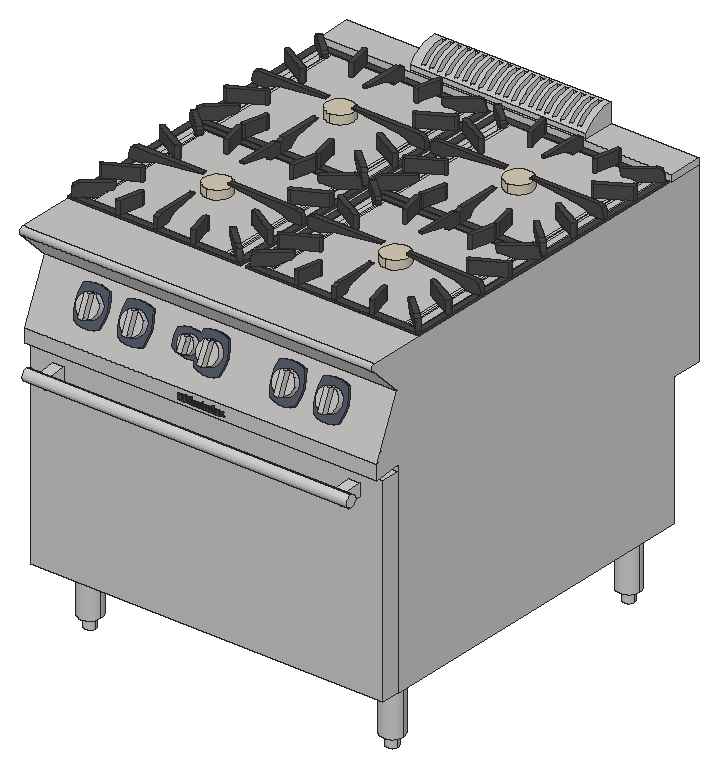
Revit family "QF_ELECTROLUXPROFESSIONAL_391006_E9GCGH4CGM", category Specialty Equipment, Revit 2018
Family settings
  Round Connector Dimension = Use Diameter
  Part Type = Normal
  Work Plane-Based = No
  Always vertical = Yes
  Cut with Voids When Loaded = No
  Shared = No
  Room Calculation Point = No
Parameters
  Weight in Pounds = 155
  Watts = 0 W
  URL Cutsheet = "www.electrolux.com"
  URL = "www.electrolux.com"
  Type Mark [instance] = ""
  Status [instance] = ""
  Specification by User [instance] = ""
  Specification by Manufacturer = ""
  Show Logo [instance] = yes
  Show Clearance [instance] = yes
  Serial Number = ""
  Seismic Rating = ""
  SMACNA No = ""
  Revision Code [instance] = ""
  Omniclass Number and Title = ""
  NAFEM Spec ID Number = ""
  Model = "391006"
  Mechanical Remarks [instance] = ""
  Mechanical Connection Type [instance] = ""
  Masterspec = ""
  Manufacturer = "ELECTROLUX"
  Item Number [instance] = ""
  Installed By [instance] = ""
  Identify Quantity as Lot [instance] = yes
  HP = "0 HP"
  Gas Size = 1/2"
  Gas RI Height [instance] = 0 mm
  Gas KW [instance] = 48.5
  Gas Input [instance] = 165337.0 Btu/h
  Gas Connection Height = 0 mm
  Furnished By [instance] = ""
  Foodservice Equipment Identifier [instance] = yes
  Direct Waste Size = 0"
  Description = "900XP 4 GAS BURNERS 10kW ON GAS OVEN"
  CSI MasterFormat = ""
  CSI Master Format = ""
Reference planes
  plane 1 "BACK": y = 0
  plane 2: z = 0
  plane 3 "LEFT": x = 0
  plane 4 "RIGHT": x = 800.1
  plane 5 "FRONT": y = -930.275
  plane 6 "TOP": z = 908
  plane 7 "Center Y": x = 400.05
  plane 8 "Center X": y = -465.137
  plane 9: z = 149.225
  plane 10: z = 1397
  plane 11: y = -80.962
  plane 12: y = -914.4
  plane 13: z = 850
  plane 14: x = 56
  plane 15: y = -128
  plane 16: y = -801.687
  plane 17: y = -665.163
  plane 18: x = 744.1
Forms (mm)
  Extrusion 1, solid, material "QF_Finishes_Stainless Steel"
    sketch origin (0, 0, 0) x (0, 1, 0) y (0, 0, 1)
      loop
        line (0, 449.262) -> (0, 850) -> (-922.302, 850)
        arc (-922.302, 850) -> (-930.275, 844.673) -> (-928.404, 835.268) r 8.63
        line (-928.404, 835.268) -> (-859.069, 765.933) -> (-916.765, 640.576) -> (-916.765, 609.279) -> (-856.641, 613.975)
        arc (-856.641, 613.975) -> (-854.117, 613.227) -> (-853.025, 610.831) r 3.175
        line (-853.025, 610.831) -> (-853.025, 149.225) -> (-71.438, 149.225) -> (-71.437, 449.263) -> (0, 449.262)
    from 0 to 800.1
  Revolve 2, solid, material "QF_Finishes_Stainless Steel"
    sketch origin (0, -801.687, 611.731) x (0, 0, -1) y (1, 0, 0)
      loop
        line (462.506, 56) -> (462.506, 30.6) -> (586.331, 30.6) -> (586.331, 43.3) -> (611.731, 43.3) -> (611.731, 56) -> (462.506, 56)
      axis (611.731, 56) -> (462.506, 56)
    angle from 0 to 360
  Revolve 3, solid, material "QF_Finishes_Stainless Steel"
    sketch origin (799.662, -801.687, 611.731) x (0, 0, -1) y (1, 0, 0)
      loop
        line (462.506, -55.562) -> (611.731, -55.562) -> (611.731, -42.862) -> (586.331, -42.862) -> (586.331, -30.162) -> (462.506, -30.162) -> (462.506, -55.562)
      axis (611.731, -55.562) -> (462.506, -55.562)
    angle from 0 to 360
  Revolve 4, solid, material "QF_Finishes_Stainless Steel"
    sketch origin (799.662, -128.588, 611.731) x (0, 0, -1) y (1, 0, 0)
      loop
        line (462.506, -55.562) -> (611.731, -55.562) -> (611.731, -42.862) -> (586.331, -42.862) -> (586.331, -30.162) -> (462.506, -30.162) -> (462.506, -55.562)
      axis (611.731, -55.562) -> (462.506, -55.562)
    angle from 0 to 360
  Revolve 5, solid, material "QF_Finishes_Stainless Steel"
    sketch origin (111.125, -128.588, 611.731) x (0, 0, -1) y (1, 0, 0)
      loop
        line (462.506, -55.125) -> (611.731, -55.125) -> (611.731, -42.425) -> (586.331, -42.425) -> (586.331, -29.725) -> (462.506, -29.725) -> (462.506, -55.125)
      axis (611.731, -55.125) -> (462.506, -55.125)
    angle from 0 to 360
  Extrusion 6, solid, material "QF_Finishes_Stainless Steel"
    sketch origin (0, 0, 0) x (0, 1, 0) y (0, 0, 1)
      loop
        line (0, 850) -> (0, 864.288) -> (-76.2, 864.288) -> (-76.2, 850) -> (0, 850)
    from 0 to 800.1
  Extrusion 7, void
    sketch origin (-65.011, 0, 865.138) x (-1, 0, 0) y (0, -1, 0)
      loop
        line (-295.005, 6.761) -> (-285.709, 6.761) -> (-285.709, 63.911) -> (-295.005, 63.911) -> (-295.005, 6.761)
      loop
        line (-313.697, 6.761) -> (-304.401, 6.761) -> (-304.401, 63.911) -> (-313.697, 63.911) -> (-313.697, 6.761)
      loop
        line (-332.39, 6.761) -> (-323.094, 6.761) -> (-323.094, 63.911) -> (-332.39, 63.911) -> (-332.39, 6.761)
      loop
        line (-351.082, 6.761) -> (-341.787, 6.761) -> (-341.787, 63.911) -> (-351.082, 63.911) -> (-351.082, 6.761)
      loop
        line (-369.775, 6.761) -> (-360.479, 6.761) -> (-360.479, 63.911) -> (-369.775, 63.911) -> (-369.775, 6.761)
      loop
        line (-388.468, 6.761) -> (-379.172, 6.761) -> (-379.172, 63.911) -> (-388.468, 63.911) -> (-388.468, 6.761)
      loop
        line (-407.16, 6.761) -> (-397.864, 6.761) -> (-397.864, 63.911) -> (-407.16, 63.911) -> (-407.16, 6.761)
      loop
        line (-425.853, 6.761) -> (-416.557, 6.761) -> (-416.557, 63.911) -> (-425.853, 63.911) -> (-425.853, 6.761)
      loop
        line (-444.545, 6.761) -> (-435.25, 6.761) -> (-435.25, 63.911) -> (-444.545, 63.911) -> (-444.545, 6.761)
      loop
        line (-463.238, 6.761) -> (-453.942, 6.761) -> (-453.942, 63.911) -> (-463.238, 63.911) -> (-463.238, 6.761)
      loop
        line (-481.931, 6.761) -> (-472.635, 6.761) -> (-472.635, 63.911) -> (-481.931, 63.911) -> (-481.931, 6.761)
      loop
        line (-500.623, 6.761) -> (-491.328, 6.761) -> (-491.328, 63.911) -> (-500.623, 63.911) -> (-500.623, 6.761)
      loop
        line (-519.316, 6.761) -> (-510.02, 6.761) -> (-510.02, 63.911) -> (-519.316, 63.911) -> (-519.316, 6.761)
      loop
        line (-538.008, 6.761) -> (-528.713, 6.761) -> (-528.713, 63.911) -> (-538.008, 63.911) -> (-538.008, 6.761)
      loop
        line (-556.701, 6.761) -> (-547.405, 6.761) -> (-547.405, 63.911) -> (-556.701, 63.911) -> (-556.701, 6.761)
      loop
        line (-575.394, 6.761) -> (-566.098, 6.761) -> (-566.098, 63.911) -> (-575.394, 63.911) -> (-575.394, 6.761)
      loop
        line (-594.086, 6.761) -> (-584.791, 6.761) -> (-584.791, 63.911) -> (-594.086, 63.911) -> (-594.086, 6.761)
      loop
        line (-612.779, 6.761) -> (-603.483, 6.761) -> (-603.483, 63.911) -> (-612.779, 63.911) -> (-612.779, 6.761)
      loop
        line (-631.472, 6.761) -> (-622.176, 6.761) -> (-622.176, 63.911) -> (-631.472, 63.911) -> (-631.472, 6.761)
      loop
        line (-650.164, 6.761) -> (-640.868, 6.761) -> (-640.868, 63.911) -> (-650.164, 63.911) -> (-650.164, 6.761)
    from 9.525 to 45.348
  Extrusion 8, solid, material "QF_Finishes_Stainless Steel"
    sketch origin (400.05, 175.397, 1219.2) x (0, 1, 0) y (0, 0, 1)
      loop
        line (-175.397, -354.912) -> (-175.397, -311.2)
        arc (-175.397, -311.2) -> (-214.469, -319.821) -> (-245.247, -345.387) r 84.854
        line (-245.247, -345.387) -> (-245.247, -354.912) -> (-175.397, -354.912)
    from -200.05 to 199.95
  Extrusion 9, solid, material "QF_Finishes_Navy Blue"
    sketch origin (0, -890.928, 697.612) x (0, -0.418102, -0.9084) y (1, 0, 0)
      loop
        arc (-53.776, 198.651) -> (-18.194, 191.027) -> (17.514, 198.034) r 90.5
        arc (17.514, 198.034) -> (24.34, 227.222) -> (17.514, 256.409) r 65.817
        arc (17.514, 256.409) -> (-18.193, 263.369) -> (-53.776, 255.797) r 91.066
        arc (-53.776, 255.797) -> (-60.332, 227.224) -> (-53.776, 198.651) r 65.546
      loop
        arc (-53.776, 98.651) -> (-18.194, 91.027) -> (17.514, 98.034) r 90.5
        arc (17.514, 98.034) -> (24.34, 127.222) -> (17.514, 156.409) r 65.817
        arc (17.514, 156.409) -> (-18.193, 163.369) -> (-53.776, 155.797) r 91.066
        arc (-53.776, 155.797) -> (-60.332, 127.224) -> (-53.776, 98.651) r 65.546
      loop
        arc (-53.776, 601.786) -> (-60.332, 573.214) -> (-53.776, 544.641) r 65.546
        arc (-53.776, 544.641) -> (-18.193, 537.068) -> (17.514, 544.028) r 91.066
        arc (17.514, 544.028) -> (24.34, 573.216) -> (17.514, 602.404) r 65.817
        arc (17.514, 602.404) -> (-18.194, 609.411) -> (-53.776, 601.786) r 90.5
      loop
        arc (-53.776, 701.786) -> (-60.332, 673.214) -> (-53.776, 644.641) r 65.546
        arc (-53.776, 644.641) -> (-18.193, 637.068) -> (17.514, 644.028) r 91.066
        arc (17.514, 644.028) -> (24.34, 673.216) -> (17.514, 702.404) r 65.817
        arc (17.514, 702.404) -> (-18.194, 709.411) -> (-53.776, 701.786) r 90.5
      loop
        arc (-40.159, 316.707) -> (-21.848, 313.911) -> (-3.351, 314.901) r 90.5
        arc (-3.351, 314.901) -> (6.915, 339.94) -> (6.238, 366.994) r 65.817
        arc (6.238, 366.994) -> (11.94, 368.741) -> (17.514, 370.86) r 90.5
        arc (17.514, 370.86) -> (24.34, 400.048) -> (17.514, 429.235) r 65.817
        arc (17.514, 429.235) -> (-18.193, 436.195) -> (-53.776, 428.623) r 91.066
        arc (-53.776, 428.623) -> (-60.332, 400.05) -> (-53.776, 371.477) r 65.546
        arc (-53.776, 371.477) -> (-49.379, 369.684) -> (-44.894, 368.124) r 90.5
        arc (-44.894, 368.124) -> (-47.802, 341.929) -> (-40.159, 316.707) r 65.546
    from 0 to 3.175
  Extrusion 10, solid, material "QF_Finishes_Stainless Steel"
    sketch origin (0, -893.812, 698.94) x (0, -0.418102, -0.9084) y (1, 0, 0)
      loop
        circle (-18.131, 227.457) r 25.4
      loop
        circle (-18.131, 127.457) r 25.4
      loop
        circle (-18.131, 572.543) r 25.4
      loop
        circle (-18.131, 672.543) r 25.4
      loop
        circle (-18.131, 349.957) r 19.05
      loop
        circle (-18.131, 400.05) r 25.4
    from 0 to 12.7
  Extrusion 11, solid, material "QF_Finishes_Stainless Steel"
    sketch origin (0, -905.349, 704.25) x (0, -0.418102, -0.9084) y (1, 0, 0)
      loop
        arc (-42.863, 233.243) -> (-43.531, 227.457) -> (-42.863, 221.671) r 25.4
        line (-42.863, 221.671) -> (6.601, 221.671)
        arc (6.601, 221.671) -> (7.269, 227.457) -> (6.601, 233.243) r 25.4
        line (6.601, 233.243) -> (-42.863, 233.243)
      loop
        arc (-42.863, 133.243) -> (-43.531, 127.457) -> (-42.863, 121.671) r 25.4
        line (-42.863, 121.671) -> (6.601, 121.671)
        arc (6.601, 121.671) -> (7.269, 127.457) -> (6.601, 133.243) r 25.4
        line (6.601, 133.243) -> (-42.863, 133.243)
      loop
        arc (-34.426, 356.459) -> (-35.24, 350.69) -> (-34.719, 344.887) r 25.4
        line (-34.719, 344.887) -> (-2.956, 344.887)
        arc (-2.956, 344.887) -> (-2.067, 350.647) -> (-2.515, 356.459) r 25.4
        line (-2.515, 356.459) -> (-34.426, 356.459)
      loop
        arc (-42.863, 579.675) -> (-43.531, 573.889) -> (-42.863, 568.102) r 25.4
        line (-42.863, 568.102) -> (6.601, 568.102)
        arc (6.601, 568.102) -> (7.269, 573.889) -> (6.601, 579.675) r 25.4
        line (6.601, 579.675) -> (-42.863, 579.675)
      loop
        arc (-42.863, 679.675) -> (-43.531, 673.889) -> (-42.863, 668.102) r 25.4
        line (-42.863, 668.102) -> (6.601, 668.102)
        arc (6.601, 668.102) -> (7.269, 673.889) -> (6.601, 679.675) r 25.4
        line (6.601, 679.675) -> (-42.863, 679.675)
      loop
        arc (-42.863, 405.836) -> (-43.531, 400.05) -> (-42.863, 394.264) r 25.4
        line (-42.863, 394.264) -> (6.601, 394.264)
        arc (6.601, 394.264) -> (7.269, 400.05) -> (6.601, 405.836) r 25.4
        line (6.601, 405.836) -> (-42.863, 405.836)
    from 0 to 12.7
  Extrusion 12, solid, material "QF_Finishes_Navy Blue", visible <- "Show Logo"
    sketch origin (0, -916.765, 609.279) x (0, 0, 1) y (-1, 0, 0)
      loop
        line (21.268, -357.807) -> (8.901, -357.807)
        arc (8.901, -357.807) -> (15.085, -362.379) -> (21.268, -357.807) r 6.467
      loop
        arc (21.268, -357.178) -> (20.099, -352.035) -> (15.443, -349.557) r 6.338
        line (15.443, -349.557) -> (15.443, -351.603)
        arc (15.443, -351.603) -> (16.927, -355.258) -> (20.372, -357.178) r 5.941
        line (20.372, -357.178) -> (21.268, -357.178)
      loop
        arc (9.797, -357.178) -> (13.242, -355.258) -> (14.726, -351.603) r 5.941
        line (14.726, -351.603) -> (14.726, -349.557)
        arc (14.726, -349.557) -> (10.032, -352.031) -> (8.742, -357.178) r 6.504
        line (8.742, -357.178) -> (9.797, -357.178)
      loop
        line (21.943, -349.088) -> (8.198, -349.088) -> (8.198, -362.851) -> (21.943, -362.851) -> (21.943, -349.088)
      loop
        arc (22.026, -365.819) -> (21.679, -365.461) -> (21.312, -365.799) r 0.358
        arc (21.312, -365.799) -> (20.997, -366.549) -> (20.281, -366.934) r 1.216
        line (20.281, -366.934) -> (9.868, -366.934)
        arc (9.868, -366.934) -> (9.208, -366.657) -> (8.812, -366.06) r 1.238
        arc (8.812, -366.06) -> (8.417, -365.809) -> (8.112, -366.163) r 0.358
        line (8.112, -366.163) -> (8.112, -376.042) -> (10.863, -376.042) -> (10.863, -375.145)
        arc (10.863, -375.145) -> (9.954, -374.565) -> (9.498, -373.588) r 1.928
        line (9.498, -373.588) -> (9.498, -371.089)
        arc (9.498, -371.089) -> (9.774, -370.36) -> (10.462, -369.996) r 1.101
        line (10.462, -369.996) -> (14.549, -369.996) -> (14.549, -373.67)
        arc (14.549, -373.67) -> (14.196, -374.167) -> (13.631, -374.395) r 1.083
        arc (13.631, -374.395) -> (13.367, -374.7) -> (13.659, -374.978) r 0.292
        line (13.659, -374.978) -> (16.621, -374.978)
        arc (16.621, -374.978) -> (16.924, -374.705) -> (16.686, -374.375) r 0.305
        arc (16.686, -374.375) -> (16.195, -374.127) -> (15.89, -373.67) r 1.083
        line (15.89, -373.67) -> (15.89, -369.996) -> (20.567, -369.996) -> (20.567, -373.744)
        arc (20.567, -373.744) -> (20.353, -374.499) -> (19.747, -374.997) r 1.314
        arc (19.747, -374.997) -> (19.527, -375.401) -> (19.882, -375.694) r 0.361
        line (19.882, -375.694) -> (22.026, -375.694) -> (22.026, -365.819)
      loop
        arc (21.309, -376.474) -> (20.928, -377.393) -> (20.01, -377.773) r 1.299
        line (20.01, -377.773) -> (10.431, -377.773)
        arc (10.431, -377.773) -> (9.593, -377.395) -> (9.321, -376.517) r 1.118
        line (9.321, -376.517) -> (8.112, -376.517) -> (8.112, -381.867) -> (9.3, -381.867)
        arc (9.3, -381.867) -> (9.572, -380.95) -> (10.442, -380.554) r 1.153
        line (10.442, -380.554) -> (22.514, -380.554) -> (21.309, -376.474)
      loop
        line (13.077, -384.503) -> (13.077, -390.951) -> (13.876, -390.951)
        arc (13.876, -390.951) -> (16.456, -389.966) -> (17.725, -387.513) r 3.874
        line (17.725, -387.513) -> (17.725, -385.752)
        arc (17.725, -385.752) -> (16.538, -382.887) -> (13.674, -381.701) r 4.051
        line (13.674, -381.701) -> (11.666, -381.701)
        arc (11.666, -381.701) -> (8.847, -383.186) -> (7.795, -386.193) r 4.352
        arc (7.795, -386.193) -> (8.16, -388.656) -> (9.537, -390.73) r 5.713
        line (9.537, -390.73) -> (10.486, -390.73)
        arc (10.486, -390.73) -> (9.754, -389.161) -> (9.537, -387.443) r 5.579
        arc (9.537, -387.443) -> (10.331, -385.48) -> (12.21, -384.503) r 3.057
        line (12.21, -384.503) -> (13.077, -384.503)
      loop
        line (14.336, -384.503) -> (14.336, -388.085)
        arc (14.336, -388.085) -> (15.793, -388.133) -> (16.676, -386.973) r 1.59
        line (16.676, -386.973) -> (16.676, -386.143)
        arc (16.676, -386.143) -> (15.811, -384.888) -> (14.336, -384.503) r 2.184
      loop
        arc (17.127, -400.368) -> (17.616, -398.694) -> (17.773, -396.957) r 9.023
        line (17.773, -396.957) -> (17.773, -395.595)
        arc (17.773, -395.595) -> (16.614, -392.795) -> (13.814, -391.636) r 3.959
        line (13.814, -391.636) -> (11.214, -391.636)
        arc (11.214, -391.636) -> (8.932, -392.928) -> (7.815, -395.301) r 4.331
        line (7.815, -395.301) -> (7.815, -397.436)
        arc (7.815, -397.436) -> (8.323, -398.986) -> (9.245, -400.332) r 5.772
        arc (9.245, -400.332) -> (10.006, -400.383) -> (10.093, -399.624) r 0.553
        arc (10.093, -399.624) -> (9.705, -398.89) -> (9.571, -398.071) r 2.573
        line (9.571, -398.071) -> (9.571, -396.556)
        arc (9.571, -396.556) -> (10.577, -394.915) -> (12.392, -394.272) r 2.884
        line (12.392, -394.272) -> (13.67, -394.272)
        arc (13.67, -394.272) -> (15.492, -394.832) -> (16.418, -396.497) r 2.554
        line (16.418, -396.497) -> (16.418, -397.55)
        arc (16.418, -397.55) -> (16.087, -398.478) -> (15.43, -399.213) r 2.564
        arc (15.43, -399.213) -> (15.208, -399.93) -> (15.817, -400.368) r 0.643
        line (15.817, -400.368) -> (17.127, -400.368)
      loop
        line (16.109, -400.638) -> (16.109, -402.139) -> (10.061, -402.139)
        arc (10.061, -402.139) -> (8.473, -402.797) -> (7.815, -404.385) r 2.246
        line (7.815, -404.385) -> (7.815, -405.969)
        arc (7.815, -405.969) -> (8.129, -406.834) -> (8.629, -407.605) r 4.06
        arc (8.629, -407.605) -> (9.362, -407.738) -> (9.613, -407.037) r 0.576
        arc (9.613, -407.037) -> (9.507, -406.512) -> (9.571, -405.979) r 1.69
        arc (9.571, -405.979) -> (10.113, -405.191) -> (11.019, -404.888) r 1.506
        line (11.019, -404.888) -> (16.157, -404.888) -> (16.157, -407.285) -> (16.713, -407.842) -> (17.535, -407.842) -> (17.535, -404.982) -> (20.766, -404.982) -> (16.109, -400.638)
      loop
        line (8.032, -408.739) -> (8.032, -414.126) -> (9.142, -414.126)
        arc (9.142, -414.126) -> (9.536, -413.175) -> (10.487, -412.781) r 1.345
        line (10.487, -412.781) -> (14.103, -412.781)
        arc (14.103, -412.781) -> (14.868, -413.373) -> (15.157, -414.295) r 1.615
        line (15.157, -414.295) -> (15.157, -415.851) -> (17.713, -416.536) -> (17.713, -415.153) -> (15.771, -412.594) -> (17.651, -412.594) -> (17.367, -409.888)
        arc (17.367, -409.888) -> (16.927, -409.358) -> (16.268, -409.559) r 0.621
        arc (16.268, -409.559) -> (15.868, -409.901) -> (15.374, -410.084) r 1.501
        line (15.374, -410.084) -> (10.487, -410.084)
        arc (10.487, -410.084) -> (9.536, -409.69) -> (9.142, -408.739) r 1.345
        line (9.142, -408.739) -> (8.032, -408.739)
      loop
        line (14.134, -416.073) -> (11.442, -416.073)
        arc (11.442, -416.073) -> (8.996, -417.381) -> (7.863, -419.912) r 4.288
        arc (7.863, -419.912) -> (7.799, -421.292) -> (7.863, -422.672) r 15.022
        arc (7.863, -422.672) -> (8.996, -425.203) -> (11.442, -426.51) r 4.288
        line (11.442, -426.51) -> (14.134, -426.51)
        arc (14.134, -426.51) -> (16.579, -425.203) -> (17.713, -422.672) r 4.288
        arc (17.713, -422.672) -> (17.777, -421.292) -> (17.713, -419.912) r 15.022
        arc (17.713, -419.912) -> (16.579, -417.381) -> (14.134, -416.073) r 4.288
      loop
        line (14.339, -419.187) -> (11.237, -419.187)
        arc (11.237, -419.187) -> (9.08, -421.344) -> (11.237, -423.501) r 2.157
        line (11.237, -423.501) -> (14.339, -423.501)
        arc (14.339, -423.501) -> (16.496, -421.344) -> (14.339, -419.187) r 2.157
      loop
        arc (21.32, -426.369) -> (20.949, -427.263) -> (20.055, -427.633) r 1.264
        line (20.055, -427.633) -> (10.191, -427.633)
        arc (10.191, -427.633) -> (9.321, -427.236) -> (9.049, -426.32) r 1.153
        line (9.049, -426.32) -> (8.112, -426.32) -> (8.112, -431.428) -> (9.04, -431.428)
        arc (9.04, -431.428) -> (9.399, -430.656) -> (10.191, -430.341) r 1.153
        line (10.191, -430.341) -> (22.514, -430.341) -> (21.32, -426.369)
      loop
        arc (16.44, -430.966) -> (16.241, -432.03) -> (15.272, -432.512) r 1.215
        line (15.272, -432.512) -> (10.252, -432.512)
        arc (10.252, -432.512) -> (8.637, -433.16) -> (7.916, -434.743) r 2.338
        line (7.916, -434.743) -> (7.916, -436.257)
        arc (7.916, -436.257) -> (8.091, -437.261) -> (8.593, -438.147) r 2.979
        line (8.593, -438.147) -> (8.112, -439.944) -> (8.112, -441.633) -> (17.537, -441.633) -> (17.243, -437.429) -> (16.457, -437.429)
        arc (16.457, -437.429) -> (16.101, -438.265) -> (15.349, -438.774) r 1.605
        line (15.349, -438.774) -> (10.246, -438.774)
        arc (10.246, -438.774) -> (9.826, -437.837) -> (9.753, -436.813) r 2.94
        arc (9.753, -436.813) -> (10.314, -435.712) -> (11.467, -435.269) r 1.724
        line (11.467, -435.269) -> (17.664, -435.269) -> (16.44, -430.966)
      loop
        line (17.468, -442.486) -> (15.796, -444.532) -> (12.622, -446.838) -> (9.166, -443.726)
        arc (9.166, -443.726) -> (8.928, -443.332) -> (8.951, -442.873) r 0.789
        line (8.951, -442.873) -> (8.112, -442.873) -> (8.112, -446.418) -> (8.938, -446.418)
        arc (8.938, -446.418) -> (9.28, -446.056) -> (9.77, -446.148) r 0.52
        line (9.77, -446.148) -> (11.57, -447.619) -> (9.452, -448.995)
        arc (9.452, -448.995) -> (9.051, -448.685) -> (8.964, -448.185) r 0.7
        line (8.964, -448.185) -> (8.112, -448.185) -> (8.112, -454.112) -> (8.998, -454.112)
        arc (8.998, -454.112) -> (9.065, -453.453) -> (9.46, -452.922) r 1.247
        line (9.46, -452.922) -> (13.66, -449.641) -> (16.107, -451.694) -> (17.468, -453.436) -> (17.468, -449.713) -> (15.983, -450.135) -> (14.462, -448.858) -> (16.162, -447.668) -> (17.468, -448.445) -> (17.468, -442.486)
    from 0 to 1.644
  Extrusion 13, solid, material "QF_Finishes_Stainless Steel"
    sketch origin (0, -853.025, 610.831) x (0, 0, -1) y (1, 0, 0)
      loop
        line (460.831, 0) -> (460.831, 800) -> (9.61, 800) -> (9.61, 0) -> (460.831, 0)
    from 3.175 to 46.663
  Extrusion 14, solid, material "QF_Finishes_Handrails and Railings"
    sketch origin (50.8, -1053.827, 150) x (0, 0, 1) y (0, 1, 0)
      loop
        circle (420.409, 103.146) r 12.7
    from 19.875 to -718.375
  Extrusion 15, solid, material "QF_Finishes_Handrails and Railings"
    sketch origin (800, -1053.827, 150) x (0, 0, 1) y (0, -1, 0)
      loop
        line (429.101, -153.025) -> (426.396, -114.347)
        arc (426.396, -114.347) -> (412.589, -113.153) -> (408.093, -100.044) r 12.7
        arc (408.093, -100.044) -> (407.276, -100.585) -> (406.501, -101.183) r 13.441
        arc (406.501, -101.183) -> (405.055, -102.989) -> (404.435, -105.216) r 5.77
        line (404.435, -105.216) -> (401.092, -153.025) -> (429.101, -153.025)
    from -50.7 to -76.1
  Extrusion 16, solid, material "QF_Finishes_Handrails and Railings"
    sketch origin (0.1, -1053.827, 150) x (0, 0, 1) y (0, 1, 0)
      loop
        line (429.101, 153.025) -> (401.092, 153.025) -> (404.435, 105.216)
        arc (404.435, 105.216) -> (405.055, 102.989) -> (406.501, 101.183) r 5.77
        arc (406.501, 101.183) -> (407.276, 100.585) -> (408.093, 100.044) r 13.441
        arc (408.093, 100.044) -> (412.589, 113.153) -> (426.396, 114.347) r 12.7
        line (426.396, 114.347) -> (429.101, 153.025)
    from -50.7 to -76.1
  Extrusion 17, solid, material "QF_Door-Drawer Clearances", visible <- "Show Clearance", detail levels coarse
    sketch origin (800, -853.025, 150) x (0, 0, 1) y (0, -1, 0)
      loop
        arc (451.218, 46.663) -> (319.059, 365.722) -> (0, 497.881) r 451.218
        line (0, 497.881) -> (0, 46.663) -> (451.218, 46.663)
    from 0 to -800
  Extrusion 18, solid, material "QF_Finishes_Stainless Steel"
    sketch origin (0, -853.025, 149.225) x (1, 0, 0) y (0, -1, 0)
      loop
        circle (749.3, -187.862) r 6.4
      loop
        circle (757.1, -277.025) r 6.4
    from 0 to 20.638
  Extrusion 19, solid, material "QF_Clearances", visible <- "Show Clearance", detail levels coarse
    sketch origin (0, 0, 0) x (1, 0, 0) y (0, 1, 0)
      loop
        line (-100.013, -930.275) -> (0, -930.275) -> (0, 0) -> (800.1, 0) -> (800.1, -930.275) -> (900.113, -930.275) -> (900.113, 100.013) -> (-100.013, 100.013) -> (-100.013, -930.275)
    from 0 to 908
Cuts and joins
  Extrusion 7 cuts Extrusion 8
Lines and regions (mm)
  symbolic lines, style "QF_Clearances", visible <- "Show Clearance", detail levels coarse
    curve 1: line (-100.013, -930.275, 0) -> (-100.012, 100.013, 0)
    curve 2: line (-100.013, 100.013, 0) -> (900.113, 100.013, 0)
    curve 3: line (900.113, 100.013, 0) -> (900.113, -929.879, 0)
  symbolic lines
    curve 4: line (0, 0, 0) -> (800.1, 0, 0)
    curve 5: line (800.1, 0, 0) -> (800.1, -930.275, 0)
    curve 6: line (0, -930.275, 0) -> (0, 0, 0)
    curve 7: line (0, -76.2, 0) -> (800.1, -76.2, 0)
    curve 8: line (0, -930.275, 0) -> (800.1, -930.275, 0)
    curve 12: line (769.175, -963.381, 0) -> (30.925, -963.381, 0)
    curve 13: line (30.925, -963.381, 0) -> (30.925, -937.981, 0)
    curve 14: line (769.175, -963.381, 0) -> (769.175, -937.981, 0)
    curve 15: line (769.175, -937.981, 0) -> (749.3, -937.981, 0)
    curve 16: line (749.3, -953.783, 0) -> (749.3, -930.275, 0)
    curve 17: line (723.9, -953.783, 0) -> (723.9, -930.275, 0)
    curve 18: line (723.9, -937.981, 0) -> (76.2, -937.981, 0)
    curve 19: line (30.925, -937.981, 0) -> (50.8, -937.981, 0)
    curve 20: line (50.8, -930.275, 0) -> (50.8, -953.783, 0)
    curve 21: line (50.8, -953.783, 0) -> (76.2, -953.783, 0)
    curve 22: line (76.2, -953.783, 0) -> (76.2, -930.275, 0)
    curve 23: line (749.3, -953.783, 0) -> (723.9, -953.783, 0)
    curve 24: line (200, -69.85, 0) -> (200, 0, 0)
    curve 25: line (200, -69.85, 0) -> (600, -69.85, 0)
    curve 26: line (600, -69.85, 0) -> (600, 0, 0)
    curve 27: line (585.153, -6.761, 0) -> (585.153, -63.911, 0)
    curve 28: line (585.153, -63.911, 0) -> (575.857, -63.911, 0)
    curve 29: line (575.857, -63.911, 0) -> (575.857, -6.761, 0)
    curve 30: line (575.857, -6.761, 0) -> (585.153, -6.761, 0)
    curve 31: line (566.461, -6.761, 0) -> (566.461, -63.911, 0)
    curve 32: line (566.461, -63.911, 0) -> (557.165, -63.911, 0)
    curve 33: line (557.165, -63.911, 0) -> (557.165, -6.761, 0)
    curve 34: line (557.165, -6.761, 0) -> (566.461, -6.761, 0)
    curve 35: line (547.768, -6.761, 0) -> (547.768, -63.911, 0)
    curve 36: line (547.768, -63.911, 0) -> (538.472, -63.911, 0)
    curve 37: line (538.472, -63.911, 0) -> (538.472, -6.761, 0)
    curve 38: line (538.472, -6.761, 0) -> (547.768, -6.761, 0)
    curve 39: line (529.075, -6.761, 0) -> (529.075, -63.911, 0)
    curve 40: line (529.075, -63.911, 0) -> (519.78, -63.911, 0)
    curve 41: line (519.78, -63.911, 0) -> (519.78, -6.761, 0)
    curve 42: line (519.78, -6.761, 0) -> (529.075, -6.761, 0)
    curve 43: line (510.383, -6.761, 0) -> (510.383, -63.911, 0)
    curve 44: line (510.383, -63.911, 0) -> (501.087, -63.911, 0)
    curve 45: line (501.087, -63.911, 0) -> (501.087, -6.761, 0)
    curve 46: line (501.087, -6.761, 0) -> (510.383, -6.761, 0)
    curve 47: line (491.69, -6.761, 0) -> (491.69, -63.911, 0)
    curve 48: line (491.69, -63.911, 0) -> (482.394, -63.911, 0)
    curve 49: line (482.394, -63.911, 0) -> (482.394, -6.761, 0)
    curve 50: line (482.394, -6.761, 0) -> (491.69, -6.761, 0)
    curve 51: line (472.998, -6.761, 0) -> (472.998, -63.911, 0)
    curve 52: line (472.998, -63.911, 0) -> (463.702, -63.911, 0)
    curve 53: line (463.702, -63.911, 0) -> (463.702, -6.761, 0)
    curve 54: line (463.702, -6.761, 0) -> (472.998, -6.761, 0)
    curve 55: line (454.305, -6.761, 0) -> (454.305, -63.911, 0)
    curve 56: line (454.305, -63.911, 0) -> (445.009, -63.911, 0)
    curve 57: line (445.009, -63.911, 0) -> (445.009, -6.761, 0)
    curve 58: line (445.009, -6.761, 0) -> (454.305, -6.761, 0)
    curve 59: line (435.612, -6.761, 0) -> (435.612, -63.911, 0)
    curve 60: line (435.612, -63.911, 0) -> (426.317, -63.911, 0)
    curve 61: line (426.317, -63.911, 0) -> (426.317, -6.761, 0)
    curve 62: line (426.317, -6.761, 0) -> (435.612, -6.761, 0)
    curve 63: line (416.92, -6.761, 0) -> (416.92, -63.911, 0)
    curve 64: line (416.92, -63.911, 0) -> (407.624, -63.911, 0)
    curve 65: line (407.624, -63.911, 0) -> (407.624, -6.761, 0)
    curve 66: line (407.624, -6.761, 0) -> (416.92, -6.761, 0)
    curve 67: line (398.227, -6.761, 0) -> (398.227, -63.911, 0)
    curve 68: line (398.227, -63.911, 0) -> (388.931, -63.911, 0)
    curve 69: line (388.931, -63.911, 0) -> (388.931, -6.761, 0)
    curve 70: line (388.931, -6.761, 0) -> (398.227, -6.761, 0)
    curve 71: line (379.534, -6.761, 0) -> (379.534, -63.911, 0)
    curve 72: line (379.534, -63.911, 0) -> (370.239, -63.911, 0)
    curve 73: line (370.239, -63.911, 0) -> (370.239, -6.761, 0)
    curve 74: line (370.239, -6.761, 0) -> (379.534, -6.761, 0)
    curve 75: line (360.842, -6.761, 0) -> (360.842, -63.911, 0)
    curve 76: line (360.842, -63.911, 0) -> (351.546, -63.911, 0)
    curve 77: line (351.546, -63.911, 0) -> (351.546, -6.761, 0)
    curve 78: line (351.546, -6.761, 0) -> (360.842, -6.761, 0)
    curve 79: line (342.149, -6.761, 0) -> (342.149, -63.911, 0)
    curve 80: line (342.149, -63.911, 0) -> (332.854, -63.911, 0)
    curve 81: line (332.854, -63.911, 0) -> (332.854, -6.761, 0)
    curve 82: line (332.854, -6.761, 0) -> (342.149, -6.761, 0)
    curve 83: line (323.457, -6.761, 0) -> (323.457, -63.911, 0)
    curve 84: line (323.457, -63.911, 0) -> (314.161, -63.911, 0)
    curve 85: line (314.161, -63.911, 0) -> (314.161, -6.761, 0)
    curve 86: line (314.161, -6.761, 0) -> (323.457, -6.761, 0)
    curve 87: line (304.764, -6.761, 0) -> (304.764, -63.911, 0)
    curve 88: line (304.764, -63.911, 0) -> (295.468, -63.911, 0)
    curve 89: line (295.468, -63.911, 0) -> (295.468, -6.761, 0)
    curve 90: line (295.468, -6.761, 0) -> (304.764, -6.761, 0)
    curve 91: line (286.071, -6.761, 0) -> (286.071, -63.911, 0)
    curve 92: line (286.071, -63.911, 0) -> (276.776, -63.911, 0)
    curve 93: line (276.776, -63.911, 0) -> (276.776, -6.761, 0)
    curve 94: line (276.776, -6.761, 0) -> (286.071, -6.761, 0)
    curve 95: line (267.379, -6.761, 0) -> (267.379, -63.911, 0)
    curve 96: line (267.379, -63.911, 0) -> (258.083, -63.911, 0)
    curve 97: line (258.083, -63.911, 0) -> (258.083, -6.761, 0)
    curve 98: line (258.083, -6.761, 0) -> (267.379, -6.761, 0)
    curve 99: line (248.686, -6.761, 0) -> (248.686, -63.911, 0)
    curve 100: line (248.686, -63.911, 0) -> (239.39, -63.911, 0)
    curve 101: line (239.39, -63.911, 0) -> (239.39, -6.761, 0)
    curve 102: line (239.39, -6.761, 0) -> (248.686, -6.761, 0)
    curve 103: line (229.994, -6.761, 0) -> (229.994, -63.911, 0)
    curve 104: line (229.994, -63.911, 0) -> (220.698, -63.911, 0)
    curve 105: line (220.698, -63.911, 0) -> (220.698, -6.761, 0)
    curve 106: line (220.698, -6.761, 0) -> (229.994, -6.761, 0)
  symbolic lines, style "QF_Door-Drawer Clearances"
    curve 9: line (0, -1350.905, 0) -> (800, -1350.905, 0)
    curve 10: line (800, -1350.905, 0) -> (800, -930.905, 0)
    curve 11: line (0, -1350.905, 0) -> (0, -930.275, 0)
Dimensions and locks
  equal spacing: plane 3 "LEFT", plane 7 "Center Y", plane 4 "RIGHT"
  plane 3 "LEFT" to plane 4 "RIGHT" = 800.1 mm
  equal spacing: plane 5 "FRONT", plane 8 "Center X", plane 1 "BACK"
  plane 5 "FRONT" to plane 1 "BACK" = 930.275 mm  (x2)
  plane 6 "TOP" to plane 2 = 908 mm
  plane 9 to plane 2 = 149.225 mm  (x2)
  plane 10 to plane 6 "TOP" = 489 mm
  plane 10 to plane 2 = 1397 mm
  plane 10 to plane 9 = 1247.775 mm
  plane 6 "TOP" to plane 13 = 58 mm
  plane 13 to plane 2 = 850 mm  (x2)
  plane 3 "LEFT" to plane 14 = 56 mm
  plane 15 to plane 1 "BACK" = 128 mm
  plane 16 to plane 15 = 673.688 mm
  Extrusion 1 sketch curve to plane 1 "BACK" = 71.438 mm
  Extrusion 1 sketch curve to plane 9 = 300.038 mm
  Extrusion 18 sketch curve to plane 4 "RIGHT" = 50.8 mm
  Extrusion 18 sketch curve to plane 1 "BACK" = 665.163 mm
  Extrusion 18 to plane 2 = 128.588 mm
  Extrusion 1 to plane 1 "BACK" = 71.438 mm
  Extrusion 17 to plane 16 = 98 mm
  plane 17 to plane 1 "BACK" = 665.163 mm
  Extrusion 17 to plane 1 "BACK" = 899.687 mm
  Extrusion 18 sketch curve to plane 1 "BACK" = 576 mm
  Extrusion 18 sketch curve to plane 4 "RIGHT" = 43 mm
  plane 14 to plane 18 to plane 4 "RIGHT" = 688.1 mm, 56 mm
  aligned and locked: level to plane 2
  aligned and locked: Extrusion 1 to plane 4 "RIGHT"
  aligned and locked: plane 16 to Revolve 2
  aligned and locked: Extrusion 6 to plane 4 "RIGHT"
  aligned and locked: Extrusion 17 to Extrusion 13
  aligned and locked: plane 6 "TOP" to Extrusion 19
Automatic sketch dimensions
  Extrusion 1 sketch curve to plane 13 = 0 mm
  Extrusion 1 sketch curve to plane 9 = 0 mm
  Extrusion 1 sketch curve to plane 1 "BACK" = 0 mm
  plane 16 to Extrusion 1 sketch curve = 51.337 mm
  Extrusion 1 sketch curve to Extrusion 1 sketch curve = 3.175 mm
  Extrusion 1 sketch curve to Extrusion 1 sketch curve = 0.442 mm
  Extrusion 1 sketch curve to plane 12 = 55.331 mm
  plane 12 to Extrusion 1 sketch curve = 2.365 mm
  plane 12 to Extrusion 1 sketch curve = 7.902 mm
  Extrusion 1 sketch curve to plane 5 "FRONT" = 1.871 mm
  Extrusion 1 sketch curve to plane 13 = 240.721 mm
  Extrusion 1 sketch curve to Extrusion 1 sketch curve = 1.552 mm
  Extrusion 1 sketch curve to Extrusion 1 sketch curve = 31.298 mm
  Extrusion 1 sketch curve to plane 13 = 84.067 mm
  Extrusion 1 sketch curve to plane 13 = 14.732 mm
  plane 14 to Revolve 2 sketch curve = 0 mm  (x2)
  Revolve 2 sketch curve to plane 9 = 0 mm
  Revolve 2 sketch curve to level = 0 mm
  Revolve 2 sketch curve to Revolve 2 sketch curve = 32.525 mm
  Revolve 2 sketch curve to Revolve 2 sketch curve = 50.8 mm
  level to Revolve 2 sketch curve = 25.4 mm
  Revolve 2 sketch curve to Revolve 2 sketch curve = 12.7 mm  (x2)
  Revolve 3 sketch curve to plane 9 = 0 mm
  Revolve 3 sketch curve to level = 0 mm
  Revolve 3 sketch curve to Revolve 3 sketch curve = 32.525 mm
  Revolve 3 sketch curve to Revolve 3 sketch curve = 50.8 mm
  level to Revolve 3 sketch curve = 25.4 mm
  Revolve 3 sketch curve to Revolve 3 sketch curve = 12.7 mm
  Revolve 3 sketch curve to Revolve 3 sketch curve = 25.4 mm
  Revolve 4 sketch curve to plane 9 = 0 mm
  Revolve 4 sketch curve to level = 0 mm
  Revolve 4 sketch curve to Revolve 4 sketch curve = 32.525 mm
  Revolve 4 sketch curve to Revolve 4 sketch curve = 50.8 mm
  level to Revolve 4 sketch curve = 25.4 mm
  Revolve 4 sketch curve to Revolve 4 sketch curve = 12.7 mm
  Revolve 4 sketch curve to Revolve 4 sketch curve = 25.4 mm
  plane 14 to Revolve 5 sketch curve = 0 mm  (x2)
  Revolve 5 sketch curve to plane 9 = 0 mm
  Revolve 5 sketch curve to level = 0 mm
  Revolve 5 sketch curve to Revolve 5 sketch curve = 32.525 mm
  Revolve 5 sketch curve to Revolve 5 sketch curve = 50.8 mm
  level to Revolve 5 sketch curve = 25.4 mm
  Revolve 5 sketch curve to plane 14 = 12.7 mm
  Revolve 5 sketch curve to plane 14 = 25.4 mm
  Extrusion 6 sketch curve to plane 13 = 0 mm
  Extrusion 6 sketch curve to plane 1 "BACK" = 0 mm
  plane 11 to Extrusion 6 sketch curve = 4.763 mm
  plane 13 to Extrusion 6 sketch curve = 14.288 mm
  plane 11 to Extrusion 7 sketch curve = 17.052 mm  (x19)
  Extrusion 7 sketch curve to Extrusion 7 sketch curve = 9.296 mm  (x20)
  Extrusion 7 sketch curve to Extrusion 7 sketch curve = 9.397 mm  (x18)
  plane 7 "Center Y" to Extrusion 7 sketch curve = 7.574 mm
  Extrusion 7 sketch curve to plane 7 "Center Y" = 1.823 mm
  Extrusion 7 sketch curve to Extrusion 7 sketch curve = 0 mm
  plane 1 "BACK" to Extrusion 7 sketch curve = 6.761 mm  (x20)
  Extrusion 8 sketch curve to plane 1 "BACK" = 0 mm
  plane 1 "BACK" to Extrusion 8 sketch curve = 1.769 mm
  plane 11 to Extrusion 8 sketch curve = 11.113 mm
  Extrusion 8 sketch curve to plane 13 = 26.835 mm
  plane 13 to Extrusion 8 sketch curve = 14.288 mm
  Extrusion 8 sketch curve to Extrusion 8 sketch curve = 9.525 mm
  Extrusion 9 sketch curve to Extrusion 9 sketch curve = 0 mm  (x13)
  Extrusion 9 sketch curve to plane 7 "Center Y" = 0 mm
  Extrusion 9 sketch curve to plane 7 "Center Y" = 48.195 mm
  Extrusion 9 sketch curve to Extrusion 9 sketch curve = 4.038 mm  (x2)
  plane 7 "Center Y" to Extrusion 9 sketch curve = 28.573 mm
  Extrusion 9 sketch curve to plane 14 = 42.651 mm
  Extrusion 9 sketch curve to Extrusion 9 sketch curve = 8.882 mm
  Extrusion 9 sketch curve to Extrusion 9 sketch curve = 12.3 mm  (x14)
  Extrusion 9 sketch curve to plane 7 "Center Y" = 0.002 mm
  Extrusion 9 sketch curve to Extrusion 9 sketch curve = 17.655 mm
  Extrusion 9 sketch curve to Extrusion 9 sketch curve = 36.365 mm  (x6)
  Extrusion 9 sketch curve to plane 14 = 16.307 mm
  Extrusion 9 sketch curve to Extrusion 9 sketch curve = 22.748 mm
  Extrusion 9 sketch curve to Extrusion 9 sketch curve = 27.483 mm
  plane 7 "Center Y" to Extrusion 9 sketch curve = 4.252 mm
  Extrusion 9 sketch curve to Extrusion 9 sketch curve = 24.066 mm
  Extrusion 9 sketch curve to Extrusion 9 sketch curve = 14.06 mm
  Extrusion 9 sketch curve to Extrusion 9 sketch curve = 46.691 mm  (x4)
  Extrusion 9 sketch curve to Extrusion 9 sketch curve = 22.625 mm
  Extrusion 9 sketch curve to Extrusion 9 sketch curve = 23.649 mm
  Extrusion 9 sketch curve to Extrusion 9 sketch curve = 11.23 mm
  Extrusion 9 sketch curve to Extrusion 9 sketch curve = 11.276 mm
  plane 7 "Center Y" to Extrusion 9 sketch curve = 29.185 mm
  Extrusion 9 sketch curve to Extrusion 9 sketch curve = 25.727 mm  (x2)
  Extrusion 9 sketch curve to Extrusion 9 sketch curve = 28.57 mm  (x2)
  Extrusion 9 sketch curve to Extrusion 9 sketch curve = 9.217 mm  (x2)
  Extrusion 9 sketch curve to Extrusion 9 sketch curve = 16.51 mm  (x2)
  Extrusion 9 sketch curve to Extrusion 9 sketch curve = 17.128 mm
  Extrusion 9 sketch curve to Extrusion 9 sketch curve = 30.232 mm
  Extrusion 9 sketch curve to Extrusion 9 sketch curve = 64.564 mm
  Extrusion 9 sketch curve to Extrusion 9 sketch curve = 25.114 mm
  Extrusion 9 sketch curve to Extrusion 9 sketch curve = 29.185 mm  (x2)
  Extrusion 10 sketch curve to Extrusion 10 sketch curve = 0 mm  (x5)
  Extrusion 10 sketch curve to Extrusion 10 sketch curve = 100 mm  (x2)
  Extrusion 10 sketch curve to Extrusion 10 sketch curve = 122.5 mm
  Extrusion 10 sketch curve to Extrusion 10 sketch curve = 50.093 mm
  Extrusion 10 sketch curve to Extrusion 10 sketch curve = 172.493 mm
  Extrusion 11 sketch curve to Extrusion 11 sketch curve = 0 mm  (x10)
  Extrusion 11 sketch curve to Extrusion 11 sketch curve = 9.318 mm
  Extrusion 11 sketch curve to Extrusion 11 sketch curve = 6.977 mm
  Extrusion 11 sketch curve to Extrusion 11 sketch curve = 7.271 mm
  Extrusion 11 sketch curve to Extrusion 11 sketch curve = 24.732 mm  (x8)
  Extrusion 11 sketch curve to Extrusion 11 sketch curve = 17.6 mm
  Extrusion 11 sketch curve to Extrusion 11 sketch curve = 6.893 mm
  Extrusion 11 sketch curve to Extrusion 11 sketch curve = 7.334 mm
  Extrusion 11 sketch curve to Extrusion 11 sketch curve = 49.377 mm
  Extrusion 11 sketch curve to Extrusion 11 sketch curve = 5.159 mm
  Extrusion 11 sketch curve to Extrusion 11 sketch curve = 162.266 mm
  Extrusion 11 sketch curve to Extrusion 11 sketch curve = 5.786 mm  (x2)
  Extrusion 11 sketch curve to Extrusion 11 sketch curve = 88.428 mm
  Extrusion 12 sketch curve to Extrusion 1 = 2.755 mm
  Extrusion 12 sketch curve to Extrusion 1 = 7.795 mm
  Extrusion 12 sketch curve to Extrusion 1 = 7.815 mm  (x2)
  Extrusion 12 sketch curve to Extrusion 12 sketch curve = 5.108 mm  (x2)
  Extrusion 12 sketch curve to Extrusion 12 sketch curve = 0 mm  (x27)
  Extrusion 12 sketch curve to Extrusion 1 = 7.916 mm
  Extrusion 12 sketch curve to Extrusion 12 sketch curve = 0.218 mm
  Extrusion 12 sketch curve to Extrusion 12 sketch curve = 0.195 mm
  Extrusion 12 sketch curve to Extrusion 12 sketch curve = 0.249 mm
  Extrusion 12 sketch curve to Extrusion 1 = 8.112 mm
  Extrusion 12 sketch curve to Extrusion 12 sketch curve = 0.087 mm
  Extrusion 12 sketch curve to Extrusion 12 sketch curve = 0.358 mm
  Extrusion 12 sketch curve to Extrusion 12 sketch curve = 0.481 mm
  Extrusion 12 sketch curve to Extrusion 12 sketch curve = 0.597 mm
  Extrusion 12 sketch curve to Extrusion 12 sketch curve = 0.544 mm
  Extrusion 12 sketch curve to Extrusion 12 sketch curve = 0.936 mm
  Extrusion 12 sketch curve to Extrusion 12 sketch curve = 0.594 mm
  Extrusion 12 sketch curve to Extrusion 12 sketch curve = 0.343 mm
  Extrusion 12 sketch curve to Extrusion 12 sketch curve = 0.159 mm
  Extrusion 12 sketch curve to Extrusion 12 sketch curve = 0.826 mm
  Extrusion 12 sketch curve to Extrusion 12 sketch curve = 0.839 mm
  Extrusion 12 sketch curve to Extrusion 12 sketch curve = 0.852 mm
  Extrusion 12 sketch curve to Extrusion 12 sketch curve = 0.887 mm
  Extrusion 12 sketch curve to Extrusion 12 sketch curve = 0.928 mm
  Extrusion 12 sketch curve to Extrusion 12 sketch curve = 0.938 mm
  Extrusion 12 sketch curve to Extrusion 12 sketch curve = 0.444 mm
  Extrusion 12 sketch curve to Extrusion 12 sketch curve = 1.11 mm  (x3)
  Extrusion 12 sketch curve to Extrusion 12 sketch curve = 0.215 mm
  Extrusion 12 sketch curve to Extrusion 12 sketch curve = 1.43 mm
  Extrusion 12 sketch curve to Extrusion 12 sketch curve = 1.188 mm
  Extrusion 12 sketch curve to Extrusion 12 sketch curve = 1.21 mm  (x2)
  Extrusion 12 sketch curve to Extrusion 12 sketch curve = 0.503 mm
  Extrusion 12 sketch curve to Extrusion 12 sketch curve = 0.488 mm
  Extrusion 12 sketch curve to Extrusion 12 sketch curve = 0.462 mm
  Extrusion 12 sketch curve to Extrusion 12 sketch curve = 1.386 mm
  Extrusion 12 sketch curve to Extrusion 12 sketch curve = 1.742 mm  (x2)
  Extrusion 12 sketch curve to Extrusion 12 sketch curve = 0.821 mm
  Extrusion 12 sketch curve to Extrusion 12 sketch curve = 0.497 mm
  Extrusion 12 sketch curve to Extrusion 12 sketch curve = 0.539 mm
  Extrusion 12 sketch curve to Extrusion 12 sketch curve = 0.199 mm
  Extrusion 12 sketch curve to Extrusion 12 sketch curve = 0.408 mm
  Extrusion 12 sketch curve to Extrusion 12 sketch curve = 0.743 mm
  Extrusion 12 sketch curve to Extrusion 12 sketch curve = 1.16 mm
  Extrusion 12 sketch curve to Extrusion 12 sketch curve = 0.329 mm
  Extrusion 12 sketch curve to Extrusion 12 sketch curve = 1.054 mm
  Extrusion 12 sketch curve to Extrusion 12 sketch curve = 1.056 mm
  Extrusion 12 sketch curve to Extrusion 12 sketch curve = 0.129 mm
  Extrusion 12 sketch curve to Extrusion 12 sketch curve = 0.489 mm
  Extrusion 12 sketch curve to Extrusion 12 sketch curve = 0.441 mm
  Extrusion 12 sketch curve to Extrusion 12 sketch curve = 1.151 mm
  Extrusion 12 sketch curve to Extrusion 12 sketch curve = 1.141 mm  (x2)
  Extrusion 12 sketch curve to Extrusion 12 sketch curve = 0.768 mm
  Extrusion 12 sketch curve to Extrusion 12 sketch curve = 1.653 mm
  Extrusion 12 sketch curve to Extrusion 12 sketch curve = 0.499 mm
  Extrusion 12 sketch curve to Extrusion 12 sketch curve = 0.964 mm
  Extrusion 12 sketch curve to Extrusion 12 sketch curve = 0.949 mm
  Extrusion 12 sketch curve to Extrusion 12 sketch curve = 1.345 mm  (x3)
  Extrusion 12 sketch curve to Extrusion 12 sketch curve = 1.101 mm
  Extrusion 12 sketch curve to Extrusion 12 sketch curve = 0.432 mm
  Extrusion 12 sketch curve to Extrusion 12 sketch curve = 1.142 mm
  Extrusion 12 sketch curve to Extrusion 12 sketch curve = 0.959 mm
  Extrusion 12 sketch curve to Extrusion 12 sketch curve = 0.176 mm
  Extrusion 12 sketch curve to Extrusion 12 sketch curve = 0.728 mm
  Extrusion 12 sketch curve to Extrusion 12 sketch curve = 3.375 mm  (x2)
  Extrusion 12 sketch curve to Extrusion 12 sketch curve = 0.541 mm
  Extrusion 12 sketch curve to Extrusion 12 sketch curve = 0.955 mm
  Extrusion 12 sketch curve to Extrusion 12 sketch curve = 1.251 mm
  Extrusion 12 sketch curve to Extrusion 12 sketch curve = 0.572 mm
  Extrusion 12 sketch curve to Extrusion 12 sketch curve = 1.92 mm
  Extrusion 12 sketch curve to Extrusion 12 sketch curve = 1.224 mm
  Extrusion 12 sketch curve to Extrusion 12 sketch curve = 0.745 mm
  Extrusion 12 sketch curve to Extrusion 12 sketch curve = 2.537 mm
  Extrusion 12 sketch curve to Extrusion 12 sketch curve = 0.896 mm  (x3)
  Extrusion 12 sketch curve to Extrusion 12 sketch curve = 0.036 mm
  Extrusion 12 sketch curve to Extrusion 12 sketch curve = 2.607 mm
  Extrusion 12 sketch curve to Extrusion 12 sketch curve = 0.066 mm
  Extrusion 12 sketch curve to Extrusion 12 sketch curve = 0.248 mm
  Extrusion 12 sketch curve to Extrusion 12 sketch curve = 0.449 mm
  Extrusion 12 sketch curve to Extrusion 12 sketch curve = 1.052 mm
  Extrusion 12 sketch curve to Extrusion 12 sketch curve = 1.863 mm
  Extrusion 12 sketch curve to Extrusion 12 sketch curve = 1.31 mm  (x2)
  Extrusion 12 sketch curve to Extrusion 12 sketch curve = 0.901 mm
  Extrusion 12 sketch curve to Extrusion 12 sketch curve = 1.107 mm
  Extrusion 12 sketch curve to Extrusion 12 sketch curve = 2.122 mm
  Extrusion 12 sketch curve to Extrusion 12 sketch curve = 2.101 mm
  Extrusion 12 sketch curve to Extrusion 12 sketch curve = 0.106 mm
  Extrusion 12 sketch curve to Extrusion 12 sketch curve = 0.029 mm
  Extrusion 12 sketch curve to Extrusion 12 sketch curve = 2.09 mm
  Extrusion 12 sketch curve to Extrusion 12 sketch curve = 1.279 mm
  Extrusion 12 sketch curve to Extrusion 12 sketch curve = 2.008 mm
  Extrusion 12 sketch curve to Extrusion 12 sketch curve = 0.738 mm
  Extrusion 12 sketch curve to Extrusion 12 sketch curve = 0.382 mm
  Extrusion 12 sketch curve to Extrusion 12 sketch curve = 0.384 mm
  Extrusion 12 sketch curve to Extrusion 12 sketch curve = 0.002 mm
  Extrusion 12 sketch curve to Extrusion 12 sketch curve = 0.561 mm
  Extrusion 12 sketch curve to Extrusion 12 sketch curve = 0.592 mm
  Extrusion 12 sketch curve to Extrusion 12 sketch curve = 2.692 mm
  Extrusion 12 sketch curve to Extrusion 12 sketch curve = 1.259 mm
  Extrusion 12 sketch curve to Extrusion 12 sketch curve = 0.802 mm
  Extrusion 12 sketch curve to Extrusion 12 sketch curve = 1.024 mm  (x2)
  Extrusion 12 sketch curve to Extrusion 12 sketch curve = 0.682 mm
  Extrusion 12 sketch curve to Extrusion 12 sketch curve = 5.934 mm
  Extrusion 12 sketch curve to Extrusion 12 sketch curve = 2.186 mm
  Extrusion 12 sketch curve to Extrusion 12 sketch curve = 0.337 mm
  Extrusion 12 sketch curve to Extrusion 12 sketch curve = 0.021 mm
  Extrusion 12 sketch curve to Extrusion 12 sketch curve = 1.005 mm
  Extrusion 12 sketch curve to Extrusion 12 sketch curve = 0.552 mm
  Extrusion 12 sketch curve to Extrusion 12 sketch curve = 0.778 mm
  Extrusion 12 sketch curve to Extrusion 12 sketch curve = 0.063 mm
  Extrusion 12 sketch curve to Extrusion 12 sketch curve = 1.023 mm
  Extrusion 12 sketch curve to Extrusion 12 sketch curve = 3.804 mm
  Extrusion 12 sketch curve to Extrusion 12 sketch curve = 0.486 mm
  Extrusion 12 sketch curve to Extrusion 12 sketch curve = 0.266 mm
  Extrusion 12 sketch curve to Extrusion 12 sketch curve = 1.547 mm
  Extrusion 12 sketch curve to Extrusion 12 sketch curve = 0.717 mm  (x2)
  Extrusion 12 sketch curve to Extrusion 12 sketch curve = 1.667 mm
  Extrusion 12 sketch curve to Extrusion 12 sketch curve = 3.174 mm
  Extrusion 12 sketch curve to Extrusion 12 sketch curve = 0.388 mm
  Extrusion 12 sketch curve to Extrusion 12 sketch curve = 1.342 mm
  Extrusion 12 sketch curve to Extrusion 12 sketch curve = 1.521 mm
  Extrusion 12 sketch curve to Extrusion 12 sketch curve = 0.124 mm
  Extrusion 12 sketch curve to Extrusion 12 sketch curve = 0.291 mm
  Extrusion 12 sketch curve to Extrusion 12 sketch curve = 1.049 mm  (x2)
  Extrusion 12 sketch curve to Extrusion 12 sketch curve = 1.7 mm
  Extrusion 12 sketch curve to Extrusion 12 sketch curve = 0.894 mm
  Extrusion 12 sketch curve to Extrusion 12 sketch curve = 0.989 mm
  Extrusion 12 sketch curve to Extrusion 12 sketch curve = 1.168 mm
  Extrusion 12 sketch curve to Extrusion 12 sketch curve = 1.594 mm
  Extrusion 12 sketch curve to Extrusion 12 sketch curve = 0.731 mm
  Extrusion 12 sketch curve to Extrusion 12 sketch curve = 1.566 mm
  Extrusion 12 sketch curve to Extrusion 12 sketch curve = 0.064 mm
  Extrusion 12 sketch curve to Extrusion 12 sketch curve = 0.556 mm  (x2)
  Extrusion 12 sketch curve to Extrusion 12 sketch curve = 0.48 mm
  Extrusion 12 sketch curve to Extrusion 12 sketch curve = 1.018 mm
  Extrusion 12 sketch curve to Extrusion 12 sketch curve = 0.787 mm
  Extrusion 12 sketch curve to Extrusion 12 sketch curve = 0.618 mm
  Extrusion 12 sketch curve to Extrusion 12 sketch curve = 1.672 mm
  Extrusion 12 sketch curve to Extrusion 12 sketch curve = 1.361 mm
  Extrusion 12 sketch curve to Extrusion 12 sketch curve = 0.822 mm
  Extrusion 12 sketch curve to Extrusion 12 sketch curve = 0.069 mm
  Extrusion 12 sketch curve to Extrusion 12 sketch curve = 1.88 mm
  Extrusion 12 sketch curve to Extrusion 12 sketch curve = 0.42 mm
  Extrusion 12 sketch curve to Extrusion 12 sketch curve = 0.062 mm
  Extrusion 12 sketch curve to Extrusion 12 sketch curve = 1.355 mm
  Extrusion 12 sketch curve to Extrusion 12 sketch curve = 2.34 mm
  Extrusion 12 sketch curve to Extrusion 12 sketch curve = 0.493 mm
  Extrusion 12 sketch curve to Extrusion 12 sketch curve = 0.136 mm
  Extrusion 12 sketch curve to Extrusion 12 sketch curve = 0.128 mm
  Extrusion 12 sketch curve to Extrusion 12 sketch curve = 3.616 mm
  Extrusion 12 sketch curve to Extrusion 12 sketch curve = 4.207 mm
  Extrusion 12 sketch curve to Extrusion 12 sketch curve = 0.183 mm
  Extrusion 12 sketch curve to Extrusion 12 sketch curve = 0.895 mm
  Extrusion 12 sketch curve to Extrusion 12 sketch curve = 1.314 mm
  Extrusion 12 sketch curve to Extrusion 12 sketch curve = 3.231 mm
  Extrusion 12 sketch curve to Extrusion 12 sketch curve = 1.299 mm
  Extrusion 12 sketch curve to Extrusion 12 sketch curve = 1.214 mm
  Extrusion 12 sketch curve to Extrusion 12 sketch curve = 1.264 mm
  Extrusion 12 sketch curve to Extrusion 12 sketch curve = 0.109 mm
  Extrusion 12 sketch curve to Extrusion 12 sketch curve = 0.357 mm
  Extrusion 12 sketch curve to Extrusion 12 sketch curve = 0.565 mm
  Extrusion 12 sketch curve to Extrusion 12 sketch curve = 2.504 mm
  Extrusion 12 sketch curve to Extrusion 12 sketch curve = 2.459 mm
  Extrusion 1 to Extrusion 12 sketch curve = 345.988 mm
  Extrusion 12 sketch curve to Extrusion 12 sketch curve = 0.208 mm
  Extrusion 12 sketch curve to Extrusion 12 sketch curve = 0.468 mm  (x2)
  Extrusion 12 sketch curve to Extrusion 12 sketch curve = 1.559 mm
  Extrusion 12 sketch curve to Extrusion 12 sketch curve = 0.422 mm  (x2)
  Extrusion 12 sketch curve to Extrusion 12 sketch curve = 0.494 mm
  Extrusion 12 sketch curve to Extrusion 12 sketch curve = 3.927 mm
  Extrusion 12 sketch curve to Extrusion 12 sketch curve = 0.782 mm
  Extrusion 12 sketch curve to Extrusion 12 sketch curve = 1.268 mm
  Extrusion 12 sketch curve to Extrusion 12 sketch curve = 0.671 mm
  Extrusion 12 sketch curve to Extrusion 12 sketch curve = 0.777 mm
  Extrusion 12 sketch curve to Extrusion 12 sketch curve = 0.704 mm
  Extrusion 12 sketch curve to Extrusion 12 sketch curve = 0.781 mm  (x2)
  Extrusion 12 sketch curve to Extrusion 12 sketch curve = 1.634 mm
  Extrusion 12 sketch curve to Extrusion 12 sketch curve = 0.132 mm
  Extrusion 12 sketch curve to Extrusion 12 sketch curve = 3.136 mm
  Extrusion 12 sketch curve to Extrusion 12 sketch curve = 2.422 mm
  Extrusion 12 sketch curve to Extrusion 12 sketch curve = 0.586 mm
  Extrusion 12 sketch curve to Extrusion 12 sketch curve = 2.046 mm  (x2)
  Extrusion 12 sketch curve to Extrusion 12 sketch curve = 1.241 mm
  Extrusion 12 sketch curve to Extrusion 12 sketch curve = 1.689 mm
  Extrusion 12 sketch curve to Extrusion 12 sketch curve = 2.859 mm
  Extrusion 12 sketch curve to Extrusion 12 sketch curve = 0.627 mm
  Extrusion 12 sketch curve to Extrusion 12 sketch curve = 0.863 mm
  Extrusion 12 sketch curve to Extrusion 12 sketch curve = 0.419 mm
  Extrusion 12 sketch curve to Extrusion 12 sketch curve = 1.514 mm
  Extrusion 12 sketch curve to Extrusion 12 sketch curve = 1.019 mm
  Extrusion 12 sketch curve to Extrusion 12 sketch curve = 0.065 mm
  Extrusion 12 sketch curve to Extrusion 12 sketch curve = 1.215 mm
  Extrusion 12 sketch curve to Extrusion 12 sketch curve = 2.708 mm
  Extrusion 12 sketch curve to Extrusion 12 sketch curve = 1.122 mm
  Extrusion 12 sketch curve to Extrusion 12 sketch curve = 1.153 mm
  Extrusion 12 sketch curve to Extrusion 12 sketch curve = 3.009 mm
  Extrusion 12 sketch curve to Extrusion 12 sketch curve = 0.829 mm  (x2)
  Extrusion 12 sketch curve to Extrusion 12 sketch curve = 0.934 mm
  Extrusion 12 sketch curve to Extrusion 12 sketch curve = 3.376 mm
  Extrusion 12 sketch curve to Extrusion 12 sketch curve = 0.222 mm
  Extrusion 12 sketch curve to Extrusion 12 sketch curve = 1.383 mm
  Extrusion 12 sketch curve to Extrusion 12 sketch curve = 1.556 mm
  Extrusion 12 sketch curve to Extrusion 12 sketch curve = 2.559 mm
  Extrusion 12 sketch curve to Extrusion 12 sketch curve = 2.51 mm
  Extrusion 12 sketch curve to Extrusion 12 sketch curve = 0.131 mm
  Extrusion 12 sketch curve to Extrusion 12 sketch curve = 1.717 mm
  Extrusion 12 sketch curve to Extrusion 12 sketch curve = 1.134 mm
  Extrusion 12 sketch curve to Extrusion 12 sketch curve = 0.366 mm
  Extrusion 12 sketch curve to Extrusion 12 sketch curve = 0.094 mm
  Extrusion 12 sketch curve to Extrusion 12 sketch curve = 1.584 mm
  Extrusion 12 sketch curve to Extrusion 12 sketch curve = 1.501 mm
  Extrusion 12 sketch curve to Extrusion 12 sketch curve = 0.27 mm
  Extrusion 12 sketch curve to Extrusion 12 sketch curve = 1.808 mm
  Extrusion 12 sketch curve to Extrusion 12 sketch curve = 0.643 mm
  Extrusion 12 sketch curve to Extrusion 12 sketch curve = 0.916 mm
  Extrusion 12 sketch curve to Extrusion 12 sketch curve = 0.352 mm
  Extrusion 12 sketch curve to Extrusion 12 sketch curve = 0.458 mm
  Extrusion 12 sketch curve to Extrusion 12 sketch curve = 1.282 mm
  Extrusion 12 sketch curve to Extrusion 12 sketch curve = 1.363 mm
  Extrusion 12 sketch curve to Extrusion 12 sketch curve = 0.685 mm
  Extrusion 12 sketch curve to Extrusion 12 sketch curve = 0.905 mm
  Extrusion 12 sketch curve to Extrusion 12 sketch curve = 2.865 mm
  Extrusion 12 sketch curve to Extrusion 12 sketch curve = 0.472 mm
  Extrusion 12 sketch curve to Extrusion 12 sketch curve = 0.101 mm
  Extrusion 12 sketch curve to Extrusion 12 sketch curve = 0.54 mm
  Extrusion 12 sketch curve to Extrusion 12 sketch curve = 0.02 mm
  Extrusion 12 sketch curve to Extrusion 12 sketch curve = 0.582 mm
  Extrusion 12 sketch curve to Extrusion 12 sketch curve = 0.166 mm
  Extrusion 12 sketch curve to Extrusion 12 sketch curve = 0.16 mm
  Extrusion 12 sketch curve to Extrusion 12 sketch curve = 2.781 mm
  Extrusion 12 sketch curve to Extrusion 12 sketch curve = 1.118 mm
  Extrusion 12 sketch curve to Extrusion 12 sketch curve = 0.613 mm
  Extrusion 12 sketch curve to Extrusion 12 sketch curve = 0.361 mm
  Extrusion 12 sketch curve to Extrusion 12 sketch curve = 0.897 mm
  Extrusion 12 sketch curve to Extrusion 12 sketch curve = 0.167 mm
  Extrusion 12 sketch curve to Extrusion 12 sketch curve = 0.292 mm
  Extrusion 12 sketch curve to Extrusion 12 sketch curve = 0.305 mm
  Extrusion 12 sketch curve to Extrusion 12 sketch curve = 1.557 mm
  Extrusion 12 sketch curve to Extrusion 12 sketch curve = 2.499 mm
  Extrusion 12 sketch curve to Extrusion 12 sketch curve = 3.062 mm
  Extrusion 12 sketch curve to Extrusion 12 sketch curve = 2.968 mm
  Extrusion 12 sketch curve to Extrusion 12 sketch curve = 5.044 mm
  Extrusion 12 sketch curve to Extrusion 12 sketch curve = 0.629 mm  (x2)
